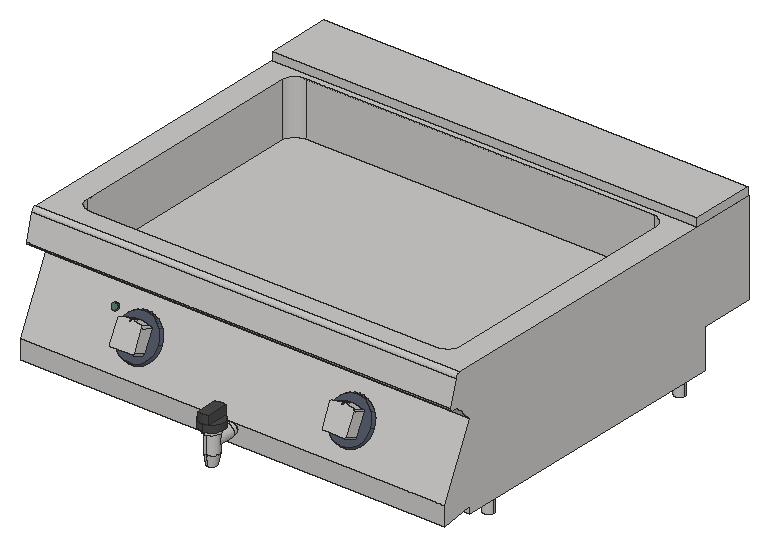
Revit family "QF_ZANUSSI_372097_Z7BMEHB000", category Specialty Equipment, Revit 2018
Family settings
  Round Connector Dimension = Use Diameter
  Part Type = Normal
  Work Plane-Based = No
  Always vertical = Yes
  Cut with Voids When Loaded = No
  Shared = No
  Room Calculation Point = No
Parameters
  Width = 800 mm  # constant formula
  Weight in Pounds = 60  # constant formula
  Weight = 0.00 kg
  Watts = 3000 W  # constant formula
  Volts = 400 V  # constant formula
  URL Manufacturer = "http://www.zanussiprofessional.com"
  URL Cutsheet = "www.electrolux.com/foodservice"
  URL = "http://www.zanussiprofessional.com"
  Type Mark [instance] = ""
  Steam Supply Size = 0"
  Steam Supply Minimum Pressure = 0.00 psi
  Steam Supply Maximum Pressure = 0.00 psi
  Steam Pounds per Hour = 0
  Status [instance] = ""
  Specification by User [instance] = ""
  Specification by Manufacturer = ""
  Show Logo [instance] = yes
  Show Clearance [instance] = yes
  Serial Number = ""
  Seismic Rating = ""
  SMACNA No = ""
  Revision Code [instance] = ""
  Refrigeration Suction Line Size = 0"
  Refrigeration Liquid Line Size = 0"
  Refrigerant Compressor Remote = yes
  Plumbing Remarks = ""
  Plumbing Connection Type = ""
  Phase = 3  # constant formula
  Omniclass Number and Title = ""
  Number of Poles [instance] = 1
  NAFEM Spec ID Number = ""
  Model = "Z7BMEHB000"
  Min Ckt Ampacity = 0 A
  Max Overcurrent Protection = 0 A
  Masterspec = ""
  Manufacturer = "Zanussi"
  Length Actual = 800 mm  # constant formula
  Item Number [instance] = "372097"
  Installed By [instance] = ""
  Indirect Waste Size = 1 31/32"  # constant formula
  Indirect Waste Flow [instance] = 0 GPM
  Indirect Waste Connection Type = ""
  Indirect Waste Connection Height [instance] = 0 mm
  Identify Quantity as Lot [instance] = yes
  Hot Water Size = 0"
  Height Actual = 250 mm  # constant formula
  Height = 289 mm  # constant formula
  HP = "4 HP"
  Gas Size = 0"
  Gas KW = 0
  Gas Input Pressure = 0.0 Btu/h
  Furnished By [instance] = ""
  Foodservice Equipment Identifier [instance] = yes
  FL Amps = if(Phase = 3, Watts / (Volts * 1.73), Watts / Volts)  # 4.33526 A
  Electrical Remarks [instance] = "400 V/3N ph/50/60 Hz"  # constant formula
  Electric Connection Type [instance] = ""
  Elec Conn RI Height [instance] = 0 mm
  Elec Conn Connection Height [instance] = 0 mm
  Direct Waste Size = 1/2"
  Description = "ELECTRIC BAIN-MARIE TOP 800 MM"
  Depth Actual = 700 mm  # constant formula
  Depth = 715 mm  # constant formula
  Cycle [instance] = if([60 Hertz Option], 60 Hz, 50 Hz)  # 60 Hz
  Conn Plug = ""
  Conn Conduit = yes
  Condensate Return Size = 0"
  Compressed Air Volume = 0 GPM
  Compressed Air Size = 0"
  Compressed Air Pressure = 0.00 psi
  Cold Water Size = 0"
  CSI MasterFormat = ""
  CSI Master Format = ""
  Base Height [instance] = 24 mm  # constant formula
  Apparent Power = if(Phase = 3, Volts * FL Amps * 1.73, Volts * FL Amps)  # 3000 VA
  Accessory = yes
  60 Hertz Option [instance] = not([50 Hertz Option])  # yes
  50 Hertz Option [instance] = no
Reference planes
  plane 1 "BACK": y = 0
  plane 2: z = 0
  plane 3 "LEFT": x = 0
  plane 4 "RIGHT": x = 800
  plane 5 "FRONT": y = -715
  plane 6 "TOP": z = 289
  plane 7 "Center Y": x = 400
  plane 8 "Center X": y = -357.5
  plane 9 "BASE": z = 24
  plane 10 "TOP A": z = 274
  plane 11: y = -597.884
  plane 12: y = -147.637
Forms (mm)
  Extrusion 1, solid, material "QF_Finishes_Stainless Steel"
    sketch origin (0, 0, 0) x (0, 1, 0) y (0, 0, 1)
      loop
        line (0, 98) -> (0, 274) -> (-679.358, 274)
        arc (-679.358, 274) -> (-684.643, 271.811) -> (-686.833, 266.526) r 7.474
        line (-686.833, 266.526) -> (-699.884, 221.011)
        arc (-699.884, 221.011) -> (-699.396, 218.379) -> (-697, 217.184) r 3
        line (-697, 217.184) -> (-686.802, 217.184) -> (-654.982, 185.364) -> (-715, 64.508) -> (-715, 29.508) -> (-658.645, 37.428)
        arc (-658.645, 37.428) -> (-656.101, 36.674) -> (-655, 34.259) r 3.2
        line (-655, 34.259) -> (-655, 24) -> (-103, 24) -> (-103, 98) -> (0, 98)
    from 0 to 800
  Extrusion 2, solid, material "QF_Finishes_Stainless Steel"
    sketch origin (0, 0, 274) x (-1, 0, 0) y (0, -1, 0)
      loop
        line (0, 0) -> (0, 120.65) -> (-800, 120.65) -> (-800, 0) -> (0, 0)
    from 0 to 15
  Extrusion 3, void
    sketch origin (0, 0, 274) x (-1, 0, 0) y (0, -1, 0)
      loop
        arc (-72.425, 132.504) -> (-54.464, 139.943) -> (-47.025, 157.904) r 25.4
        line (-47.025, 157.904) -> (-47.025, 617.104)
        arc (-47.025, 617.104) -> (-54.464, 635.064) -> (-72.425, 642.504) r 25.4
        line (-72.425, 642.504) -> (-727.575, 642.504)
        arc (-727.575, 642.504) -> (-745.536, 635.064) -> (-752.975, 617.104) r 25.4
        line (-752.975, 617.104) -> (-752.975, 157.904)
        arc (-752.975, 157.904) -> (-745.536, 139.943) -> (-727.575, 132.504) r 25.4
        line (-727.575, 132.504) -> (-72.425, 132.504)
    from 0 to -101.6
  Extrusion 4, solid, material "QF_Finishes_Stainless Steel"
    sketch origin (0, 0, 0) x (1, 0, 0) y (0, 1, 0)
      loop
        circle (11.112, -147.638) r 9.525
      loop
        circle (11.112, -597.884) r 9.525
      loop
        circle (788.887, -147.638) r 9.525
      loop
        circle (788.887, -597.884) r 9.525
    from 0 to 24
  Revolve 5, solid, material "QF_Finishes_Stainless Steel"
    sketch origin (400.05, -15.821, 0) x (0, 1, 0) y (0, 0, 1)
      loop
        line (-747.926, 15.877) -> (-738.917, 15.877) -> (-735.301, 36.388) -> (-735.301, 72.729) -> (-732.023, 72.729) -> (-732.023, 80.608) -> (-725.673, 80.608) -> (-725.673, 93.308) -> (-747.926, 93.308) -> (-747.926, 15.877)
      axis (-747.926, 15.877) -> (-747.926, 93.308)
    angle from 0 to 360
  Revolve 6, solid, material "QF_Finishes_Stainless Steel"
    sketch origin (400.05, 0, 0) x (0, 1, 0) y (0, 0, 1)
      loop
        line (-698.522, 55.75) -> (-766.752, 55.75) -> (-766.752, 43.447) -> (-727.357, 43.447) -> (-727.357, 45.149) -> (-718.364, 45.149) -> (-718.364, 47.196) -> (-698.522, 47.196) -> (-698.522, 55.75)
      axis (-766.752, 55.75) -> (-698.522, 55.75)
    angle from 0 to 360
  Extrusion 7, solid, material "QF_Finishes_Black"
    sketch origin (400.05, -763.747, 93.308) x (0, 1, 0) y (-1, 0, 0)
      loop
        line (20.063, 9.626) -> (-20.063, 9.626)
        arc (-20.063, 9.626) -> (-22.253, 0) -> (-20.063, -9.626) r 22.253
        line (-20.063, -9.626) -> (20.063, -9.626)
        arc (20.063, -9.626) -> (22.253, 0) -> (20.063, 9.626) r 22.253
    from 0 to 16.412
  Extrusion 8, solid, material "QF_Finishes_Stainless Steel"
    sketch origin (0, -101.6, 101.788) x (0, 0, -1) y (-1, 0, 0)
      loop
        circle (43.882, -62.029) r 12.7
    from 0 to 12.7
  Extrusion 9, solid, material "QF_Finishes_Clearance", visible <- "Show Clearance", detail levels coarse
    sketch origin (0, 0, 0) x (1, 0, 0) y (0, 1, 0)
      loop
        line (0, -715) -> (0, 0) -> (800, 0) -> (800, -715) -> (950.019, -715) -> (950.019, 150.019) -> (-150.019, 150.019) -> (-150.019, -715) -> (0, -715)
    from 0 to 289
  Blend 10, solid, material "QF_Finishes_Navy Blue"
    base sketch origin (200, -684.991, 124.936) x (1, 0, 0) y (0, 0.444781, 0.895639)
      loop
        circle (0, 0) r 42.5
    top sketch origin (200, -684.991, 124.936) x (1, 0, 0) y (0, 0.444781, 0.895639)
      loop
        circle (0, 0) r 40.5
    from 0 to 5
  Extrusion 11, solid, material "QF_Finishes_Stainless Steel"
    sketch origin (200, -684.991, 124.936) x (1, 0, 0) y (0, 0.444781, 0.895639)
      loop
        arc (-21.147, 22.789) -> (-22.494, 21.685) -> (-23, 20.019) r 2.997
        line (-23, 20.019) -> (-23, -20.019)
        arc (-23, -20.019) -> (-22.122, -22.138) -> (-20.003, -23.016) r 2.997
        line (-20.003, -23.016) -> (20.003, -23.016)
        arc (20.003, -23.016) -> (22.122, -22.138) -> (23, -20.019) r 2.997
        line (23, -20.019) -> (23, 20.019)
        arc (23, 20.019) -> (22.494, 21.685) -> (21.147, 22.789) r 2.997
        arc (21.147, 22.789) -> (0, 26.984) -> (-21.147, 22.789) r 55.4
    from 10 to 34
  Extrusion 12, solid, material "QF_Plastic-Black-Matte"
    sketch origin (280, -684.991, 124.936) x (0, 0.444781, 0.895639) y (0, -0.895639, 0.444781)
      loop
        line (26.984, 34) -> (26.984, 19) -> (27.984, 19) -> (27.984, 34)
        arc (27.984, 34) -> (27.691, 34.707) -> (26.984, 35) r 1
        line (26.984, 35) -> (23.984, 35) -> (23.984, 34) -> (26.984, 34)
    from -81 to -79
  Extrusion 13, solid, material "QF_Finishes_Stainless Steel"
    sketch origin (200, -684.991, 124.936) x (1, 0, 0) y (0, 0.444781, 0.895639)
      loop
        line (17.5, 17.5) -> (-17.5, 17.5) -> (-17.5, -17.5) -> (17.5, -17.5) -> (17.5, 17.5)
    from 5 to 10
  Extrusion 14, solid, material "QF_Finishes_DarkGreen"
    sketch origin (200, -671.648, 151.805) x (1, 0, 0) y (0, 0.444781, 0.895639)
      loop
        circle (-55.001, 0) r 6
    from 0 to 1.6
  Blend 15, solid, material "QF_Finishes_Navy Blue"
    base sketch origin (600, -684.991, 124.936) x (1, 0, 0) y (0, 0.444781, 0.895639)
      loop
        circle (0, 0) r 42.5
    top sketch origin (600, -684.991, 124.936) x (1, 0, 0) y (0, 0.444781, 0.895639)
      loop
        circle (0, 0) r 40.5
    from 0 to 5
  Extrusion 16, solid, material "QF_Finishes_Stainless Steel"
    sketch origin (600, -684.991, 124.936) x (1, 0, 0) y (0, 0.444781, 0.895639)
      loop
        arc (-21.147, 22.789) -> (-22.494, 21.685) -> (-23, 20.019) r 2.997
        line (-23, 20.019) -> (-23, -20.019)
        arc (-23, -20.019) -> (-22.122, -22.138) -> (-20.003, -23.016) r 2.997
        line (-20.003, -23.016) -> (20.003, -23.016)
        arc (20.003, -23.016) -> (22.122, -22.138) -> (23, -20.019) r 2.997
        line (23, -20.019) -> (23, 20.019)
        arc (23, 20.019) -> (22.494, 21.685) -> (21.147, 22.789) r 2.997
        arc (21.147, 22.789) -> (0, 26.984) -> (-21.147, 22.789) r 55.4
    from 10 to 34
  Extrusion 17, solid, material "QF_Finishes_Stainless Steel"
    sketch origin (600, -684.991, 124.936) x (1, 0, 0) y (0, 0.444781, 0.895639)
      loop
        line (17.5, 17.5) -> (-17.5, 17.5) -> (-17.5, -17.5) -> (17.5, -17.5) -> (17.5, 17.5)
    from 5 to 10
  Extrusion 18, solid, material "QF_Plastic-Black-Matte"
    sketch origin (542.5, -684.991, 124.936) x (0, 0.444781, 0.895639) y (0, 0.895639, -0.444781)
      loop
        line (26.984, -34) -> (23.984, -34) -> (23.984, -35) -> (26.984, -35)
        arc (26.984, -35) -> (27.691, -34.707) -> (27.984, -34) r 1
        line (27.984, -34) -> (27.984, -19) -> (26.984, -19) -> (26.984, -34)
    from -58.5 to -56.5
Cuts and joins
  Extrusion 3 cuts Extrusion 1
Lines and regions (mm)
  Split face 1
    outline origin (199.664, -689.244, 127.614) x (1, 0, 0) y (0, 0.444781, 0.895639)
      loop
        circle (-34, 0) r 1.5
  Split face 2
    outline origin (207.566, -689.848, 126.397) x (1, 0, 0) y (0, 0.444781, 0.895639)
      loop
        circle (-7.566, -33.148) r 1.5
  Split face 3
    outline origin (203.5, -682.712, 140.767) x (1, 0, 0) y (0, 0.444781, 0.895639)
      loop
        circle (30.633, -14.752) r 1.5
  Split face 4
    outline origin (200, -689.469, 127.16) x (1, 0, 0) y (0, 0.444781, 0.895639)
      loop
        circle (0, 33.561) r 1.5
  Split face 5
    outline origin (600, -689.469, 127.16) x (1, 0, 0) y (0, 0.444781, 0.895639)
      loop
        circle (-34, 0) r 1.5
  Split face 6
    outline origin (600, -689.469, 127.16) x (1, 0, 0) y (0, 0.444781, 0.895639)
      loop
        circle (-30.633, -14.752) r 1.5
  Split face 7
    outline origin (600, -689.469, 127.16) x (1, 0, 0) y (0, 0.444781, 0.895639)
      loop
        circle (-21.199, -26.582) r 1.5
  Split face 8
    outline origin (600, -689.469, 127.16) x (1, 0, 0) y (0, 0.444781, 0.895639)
      loop
        circle (-7.566, -33.148) r 1.5
  Split face 9
    outline origin (600, -689.469, 127.16) x (1, 0, 0) y (0, 0.444781, 0.895639)
      loop
        circle (7.566, -33.148) r 1.5
  Split face 10
    outline origin (600, -689.469, 127.16) x (1, 0, 0) y (0, 0.444781, 0.895639)
      loop
        circle (21.199, -26.582) r 1.5
  Split face 11
    outline origin (600, -689.469, 127.16) x (1, 0, 0) y (0, 0.444781, 0.895639)
      loop
        circle (30.633, -14.752) r 1.5
  Split face 12
    outline origin (600, -689.469, 127.16) x (1, 0, 0) y (0, 0.444781, 0.895639)
      loop
        circle (34, 0) r 1.5
  Split face 13
    outline origin (621.665, -686.175, 133.794) x (1, 0, 0) y (0, 0.444781, 0.895639)
      loop
        circle (-21.665, 26.582) r 1.5
  symbolic lines, style "QF-Clearances", visible <- "Show Clearance", detail levels coarse
    curve 1: line (-150.019, 150.019, 274) -> (-150.019, -715, 274)
    curve 2: line (950.019, 150.019, 274) -> (-150.019, 150.019, 274)
    curve 3: line (950.019, -715, 274) -> (950.019, 150.019, 274)
  symbolic lines
    curve 4: line (0, 0, 274) -> (800, 0, 274)
    curve 5: line (0, -715, 274) -> (0, 0, 274)
    curve 6: line (800, 0, 274) -> (800, -715, 274)
    curve 7: line (47.025, -157.904, 274) -> (47.025, -617.104, 274)
    curve 8: arc (47.025, -617.104, 274) -> (54.464, -635.064, 274) -> (72.425, -642.504, 274) r 25.4
    curve 9: line (72.425, -642.504, 274) -> (727.575, -642.504, 274)
    curve 10: arc (727.575, -642.504, 274) -> (745.536, -635.064, 274) -> (752.975, -617.104, 274) r 25.4
    curve 11: line (752.975, -617.104, 274) -> (752.975, -157.904, 274)
    curve 12: line (727.575, -132.504, 274) -> (72.425, -132.504, 274)
    curve 13: line (0, -120.65, 274) -> (800, -120.65, 274)
    curve 14: line (0, -69.85, 274) -> (0, -120.65, 274)
    curve 15: circle (400, -763.747, 274) r 22.253 normal (0, 0, 1)
    curve 16: line (409.626, -783.81, 274) -> (409.626, -743.684, 274)
    curve 17: line (390.374, -783.81, 274) -> (390.374, -743.684, 274)
    curve 18: arc (72.425, -132.504, 274) -> (54.464, -139.943, 274) -> (47.025, -157.904, 274) r 25.4
    curve 19: arc (727.575, -132.504, 274) -> (745.536, -139.943, 274) -> (752.975, -157.904, 274) r 25.4
    curve 20: line (389.329, -744.22, 274) -> (389.329, -715, 274)
    curve 21: line (410.671, -744.22, 274) -> (410.671, -715, 274)
    curve 22: line (0, -700, 0) -> (800, -700, 0)
    curve 23: line (177, -700, 0) -> (177, -724.347, 0)
    curve 24: arc (177, -724.347, 0) -> (177.146, -724.811, 0) -> (177.532, -725.107, 0) r 0.809
    curve 25: arc (177.532, -725.107, 0) -> (178.72, -725.587, 0) -> (179.997, -725.68, 0) r 4.127
    curve 26: arc (177, -704.292, 0) -> (171.959, -702.458, 0) -> (167.191, -700, 0) r 42.24
    curve 27: arc (177, -706.539, 0) -> (177.502, -705.818, 0) -> (178.299, -705.448, 0) r 1.682
    curve 28: arc (178.299, -705.448, 0) -> (188.602, -703.95, 0) -> (199, -703.441, 0) r 109.079
    curve 29: line (199, -700, 0) -> (199, -705.671, 0)
    curve 30: line (199, -705.671, 0) -> (201, -705.671, 0)
    curve 31: line (201, -705.671, 0) -> (201, -700, 0)
    curve 32: line (223, -700, 0) -> (223, -724.347, 0)
    curve 33: arc (223, -724.347, 0) -> (222.854, -724.811, 0) -> (222.468, -725.107, 0) r 0.809
    curve 34: arc (222.468, -725.107, 0) -> (221.28, -725.587, 0) -> (220.003, -725.68, 0) r 4.127
    curve 35: arc (223, -704.292, 0) -> (228.041, -702.458, 0) -> (232.809, -700, 0) r 42.24
    curve 36: arc (223, -706.539, 0) -> (222.498, -705.818, 0) -> (221.701, -705.448, 0) r 1.682
    curve 37: arc (221.701, -705.448, 0) -> (211.398, -703.95, 0) -> (201, -703.441, 0) r 109.079
    curve 38: line (179.997, -725.68, 0) -> (220.003, -725.68, 0)
    curve 39: line (623, -700, 0) -> (623, -724.347, 0)
    curve 40: arc (623, -724.347, 0) -> (622.854, -724.811, 0) -> (622.468, -725.107, 0) r 0.809
    curve 41: arc (622.468, -725.107, 0) -> (621.28, -725.587, 0) -> (620.003, -725.68, 0) r 4.127
    curve 42: arc (623, -704.292, 0) -> (628.041, -702.458, 0) -> (632.809, -700, 0) r 42.24
    curve 43: arc (623, -706.539, 0) -> (622.498, -705.818, 0) -> (621.701, -705.448, 0) r 1.682
    curve 44: arc (621.701, -705.448, 0) -> (611.398, -703.95, 0) -> (601, -703.441, 0) r 109.079
    curve 45: line (601, -700, 0) -> (601, -705.671, 0)
    curve 46: line (601, -705.671, 0) -> (599, -705.671, 0)
    curve 47: line (599, -705.671, 0) -> (599, -700, 0)
    curve 48: line (577, -700, 0) -> (577, -724.347, 0)
    curve 49: arc (577, -724.347, 0) -> (577.146, -724.811, 0) -> (577.532, -725.107, 0) r 0.809
    curve 50: arc (577.532, -725.107, 0) -> (578.72, -725.587, 0) -> (579.997, -725.68, 0) r 4.127
    curve 51: arc (577, -704.292, 0) -> (571.959, -702.458, 0) -> (567.191, -700, 0) r 42.24
    curve 52: arc (577, -706.539, 0) -> (577.502, -705.818, 0) -> (578.299, -705.448, 0) r 1.682
    curve 53: arc (578.299, -705.448, 0) -> (588.602, -703.95, 0) -> (599, -703.441, 0) r 109.079
    curve 54: line (620.003, -725.68, 0) -> (579.997, -725.68, 0)
    curve 55: line (223, -715, 0) -> (577, -715, 0)
    curve 56: line (623, -715, 0) -> (800, -715, 0)
    curve 57: line (0, -715, 0) -> (177, -715, 0)
Dimensions and locks
  equal spacing: plane 3 "LEFT", plane 7 "Center Y", plane 4 "RIGHT"
  "Width": plane 3 "LEFT" to plane 4 "RIGHT"
  equal spacing: plane 5 "FRONT", plane 8 "Center X", plane 1 "BACK"
  "Depth": plane 5 "FRONT" to plane 1 "BACK"
  "Height": plane 6 "TOP" to level
  plane 1 "BACK" to plane 5 "FRONT" = 715 mm
  "Base Height": plane 9 "BASE" to level
  plane 10 "TOP A" to plane 9 "BASE" = 250 mm
  Extrusion 9 to plane 10 "TOP A" to plane 9 "BASE" = 15 mm, 250 mm
  aligned and locked: level to plane 2
  aligned and locked: plane 4 "RIGHT" to Extrusion 1
  aligned and locked: plane 6 "TOP" to Extrusion 2
  aligned and locked: Extrusion 4 to plane 9 "BASE"
  aligned and locked: plane 6 "TOP" to Extrusion 9
  aligned and locked: plane 4 "RIGHT" to Extrusion 2
Automatic sketch dimensions
  plane 1 "BACK" to Extrusion 2 sketch curve = 0 mm
  Extrusion 2 sketch curve to plane 4 "RIGHT" = 0 mm
  Extrusion 2 sketch curve to plane 3 "LEFT" = 0 mm
  Extrusion 2 sketch curve to plane 12 = 26.988 mm
  Extrusion 3 sketch curve to plane 4 "RIGHT" = 47.025 mm
  Extrusion 3 sketch curve to Extrusion 3 sketch curve = 25.4 mm  (x3)
  Extrusion 3 sketch curve to plane 12 = 15.134 mm
  plane 12 to Extrusion 3 sketch curve = 10.266 mm
  plane 3 "LEFT" to Extrusion 3 sketch curve = 72.425 mm
  plane 11 to Extrusion 3 sketch curve = 19.219 mm
  plane 11 to Extrusion 4 sketch curve = 0 mm  (x2)
  plane 12 to Extrusion 4 sketch curve = 0 mm  (x2)
  plane 3 "LEFT" to Extrusion 4 sketch curve = 11.112 mm  (x2)
  Extrusion 4 sketch curve to plane 4 "RIGHT" = 11.113 mm  (x2)
  Revolve 5 sketch curve to plane 9 "BASE" = 8.123 mm
  plane 5 "FRONT" to Revolve 5 sketch curve = 48.747 mm
  Revolve 5 sketch curve to Revolve 5 sketch curve = 0 mm
  Revolve 5 sketch curve to Revolve 5 sketch curve = 9.009 mm
  plane 9 "BASE" to Revolve 5 sketch curve = 12.388 mm
  Revolve 5 sketch curve to Revolve 5 sketch curve = 3.617 mm
  Revolve 5 sketch curve to Revolve 5 sketch curve = 3.277 mm
  Revolve 5 sketch curve to Revolve 5 sketch curve = 6.35 mm
  Revolve 5 sketch curve to Revolve 5 sketch curve = 36.341 mm
  Revolve 5 sketch curve to Revolve 5 sketch curve = 7.879 mm
  Revolve 5 sketch curve to Revolve 5 sketch curve = 12.7 mm  (x2)
  Revolve 5 sketch curve to Revolve 5 sketch curve = 15.064 mm
  plane 5 "FRONT" to Revolve 6 sketch curve = 51.752 mm
  plane 5 "FRONT" to Revolve 6 sketch curve = 12.357 mm
  plane 5 "FRONT" to Revolve 6 sketch curve = 3.364 mm
  Revolve 6 sketch curve to plane 5 "FRONT" = 16.478 mm
  Revolve 6 sketch curve to Revolve 6 sketch curve = 0 mm  (x2)
  Revolve 6 sketch curve to Revolve 6 sketch curve = 9.137 mm
  plane 9 "BASE" to Revolve 6 sketch curve = 19.447 mm
  Revolve 6 sketch curve to Revolve 6 sketch curve = 1.702 mm
  Revolve 6 sketch curve to Revolve 6 sketch curve = 2.047 mm
  Revolve 6 sketch curve to Revolve 6 sketch curve = 12.303 mm
  Extrusion 7 sketch curve to Revolve 5 = 9.626 mm
  Revolve 5 to Extrusion 7 sketch curve = 9.626 mm
  Extrusion 7 sketch curve to Extrusion 7 sketch curve = 0 mm
  plane 5 "FRONT" to Extrusion 9 sketch curve = 0 mm  (x2)
  plane 1 "BACK" to Extrusion 9 sketch curve = 0 mm
  Extrusion 9 sketch curve to plane 3 "LEFT" = 0 mm
  Extrusion 9 sketch curve to plane 4 "RIGHT" = 0 mm
  Extrusion 9 sketch curve to plane 3 "LEFT" = 150.019 mm
  plane 4 "RIGHT" to Extrusion 9 sketch curve = 150.019 mm
  Extrusion 9 sketch curve to plane 1 "BACK" = 150.019 mm
  plane 11 to Extrusion 1 sketch curve = 117.116 mm
  plane 11 to Extrusion 1 sketch curve = 101.999 mm
  plane 11 to Extrusion 1 sketch curve = 99.116 mm
  plane 11 to Extrusion 1 sketch curve = 88.948 mm
  Extrusion 1 sketch curve to plane 10 "TOP A" = 56.816 mm
  plane 11 to Extrusion 1 sketch curve = 88.917 mm
  Extrusion 1 sketch curve to Extrusion 1 sketch curve = 7.474 mm
  plane 11 to Extrusion 1 sketch curve = 60.761 mm
  Extrusion 1 sketch curve to Extrusion 1 sketch curve = 0.445 mm
  Extrusion 1 sketch curve to Extrusion 1 sketch curve = 3.2 mm
  plane 11 to Extrusion 1 sketch curve = 57.097 mm
  plane 1 "BACK" to Extrusion 1 sketch curve = 103 mm
  Extrusion 1 sketch curve to plane 6 "TOP" = 15 mm
  Extrusion 1 sketch curve to plane 1 "BACK" = 0 mm
  Extrusion 1 sketch curve to plane 10 "TOP A" = 88.636 mm
  Extrusion 1 sketch curve to plane 10 "TOP A" = 176 mm
  plane 9 "BASE" to Extrusion 1 sketch curve = 40.508 mm
  Extrusion 1 sketch curve to Extrusion 1 sketch curve = 27.08 mm
  Extrusion 1 sketch curve to Extrusion 1 sketch curve = 35 mm
  plane 9 "BASE" to Extrusion 1 sketch curve = 0 mm
  Extrusion 1 sketch curve to Extrusion 1 sketch curve = 3 mm
  plane 9 "BASE" to Extrusion 8 sketch curve = 33.906 mm
  plane 3 "LEFT" to Extrusion 8 sketch curve = 62.029 mm
  plane 3 "LEFT" to Blend 10 sketch curve = 200 mm  (x2)
  plane 3 "LEFT" to Extrusion 11 sketch curve = 177 mm
  Extrusion 11 sketch curve to Extrusion 11 sketch curve = 2.997 mm  (x3)
  Extrusion 11 sketch curve to Extrusion 11 sketch curve = 20.003 mm  (x2)
  Extrusion 11 sketch curve to Extrusion 11 sketch curve = 40.005 mm
  Extrusion 11 sketch curve to Extrusion 11 sketch curve = 5.399 mm
  Extrusion 11 sketch curve to Extrusion 11 sketch curve = 40.037 mm
  Extrusion 11 sketch curve to Extrusion 11 sketch curve = 0 mm  (x2)
  Extrusion 12 sketch curve to plane 5 "FRONT" = 9.329 mm
  Extrusion 12 sketch curve to plane 10 "TOP A" = 112.016 mm
  Extrusion 12 sketch curve to Extrusion 12 sketch curve = 3 mm
  Extrusion 12 sketch curve to Extrusion 12 sketch curve = 0 mm  (x2)
  Extrusion 12 sketch curve to Extrusion 12 sketch curve = 1 mm
  Extrusion 12 sketch curve to Extrusion 12 sketch curve = 15 mm
  plane 3 "LEFT" to Extrusion 13 sketch curve = 182.5 mm
  Extrusion 13 sketch curve to Extrusion 13 sketch curve = 35 mm  (x2)
  plane 3 "LEFT" to Extrusion 14 sketch curve = 144.999 mm
  plane 3 "LEFT" to Blend 15 sketch curve = 600 mm  (x2)
  plane 3 "LEFT" to Extrusion 16 sketch curve = 577 mm
  Extrusion 16 sketch curve to Extrusion 16 sketch curve = 2.997 mm  (x3)
  Extrusion 16 sketch curve to Extrusion 16 sketch curve = 20.003 mm  (x2)
  Extrusion 16 sketch curve to Extrusion 16 sketch curve = 40.005 mm
  Extrusion 16 sketch curve to Extrusion 16 sketch curve = 5.399 mm
  Extrusion 16 sketch curve to Extrusion 16 sketch curve = 40.037 mm
  Extrusion 16 sketch curve to Extrusion 16 sketch curve = 0 mm  (x2)
  plane 3 "LEFT" to Extrusion 17 sketch curve = 582.5 mm
  Extrusion 17 sketch curve to Extrusion 17 sketch curve = 35 mm  (x2)
  Extrusion 18 sketch curve to plane 5 "FRONT" = 9.329 mm
  Extrusion 18 sketch curve to plane 10 "TOP A" = 112.016 mm
  Extrusion 18 sketch curve to Extrusion 18 sketch curve = 3 mm
  Extrusion 18 sketch curve to Extrusion 18 sketch curve = 0 mm
  Extrusion 18 sketch curve to Extrusion 18 sketch curve = 1 mm  (x2)
  Extrusion 18 sketch curve to Extrusion 18 sketch curve = 15 mm
  curve 57 to plane 3 "LEFT" = 0 mm
  curve 22 to plane 3 "LEFT" = 0 mm
  plane 3 "LEFT" to curve 24 = 177.809 mm
  curve 24 to curve 27 = 0.774 mm
  curve 24 to curve 25 = 1.846 mm
  curve 27 to curve 26 = 10.309 mm
  curve 28 to curve 37 = 1.738 mm
  curve 26 to curve 35 = 22.215 mm
  curve 34 to curve 36 = 1.071 mm
  curve 34 to curve 33 = 1.846 mm
  curve 33 to curve 49 = 355.617 mm
  curve 49 to curve 52 = 0.774 mm
  curve 49 to curve 50 = 1.846 mm
  curve 52 to curve 51 = 10.309 mm
  curve 49 to curve 53 = 21.322 mm
  curve 53 to curve 44 = 1.738 mm
  curve 51 to curve 42 = 22.215 mm
  curve 41 to curve 43 = 1.071 mm
  plane 5 "FRONT" to curve 28 = 97.519 mm
  curve 28 to curve 37 = 0 mm
  curve 37 to curve 44 = 0 mm
  curve 53 to curve 44 = 0 mm
  curve 24 to curve 33 = 0 mm
  curve 49 to curve 40 = 0 mm
  curve 34 to curve 36 = 14.462 mm
  curve 50 to curve 52 = 14.462 mm
  curve 26 to curve 35 = 0 mm
  curve 51 to curve 42 = 0 mm
  curve 26 to curve 27 = 11.392 mm
  curve 24 to curve 24 = 0.809 mm
  curve 24 to curve 24 = 0.277 mm
  curve 27 to curve 27 = 0.284 mm
  curve 24 to curve 25 = 2.465 mm
  curve 27 to curve 29 = 20.417 mm
  curve 28 to curve 37 = 2 mm
  curve 38 to curve 33 = 2.189 mm
  curve 36 to curve 37 = 0.284 mm
  curve 33 to curve 33 = 0.277 mm
  curve 37 to curve 35 = 1.299 mm
  curve 32 to curve 35 = 9.809 mm
  curve 51 to curve 52 = 11.392 mm
  curve 49 to curve 49 = 0.277 mm
  curve 53 to curve 52 = 0.284 mm
  curve 50 to curve 50 = 2.465 mm
  curve 52 to curve 53 = 20.417 mm
  curve 47 to curve 45 = 2 mm
  curve 41 to curve 40 = 2.189 mm
  curve 43 to curve 44 = 0.284 mm
  curve 40 to curve 40 = 0.277 mm
  curve 44 to curve 42 = 1.299 mm
  curve 40 to curve 40 = 0.809 mm
  curve 39 to curve 42 = 9.809 mm
  plane 7 "Center Y" to curve 22 = 400 mm
  plane 7 "Center Y" to curve 56 = 400 mm
  curve 34 to curve 33 = 0.573 mm
  curve 50 to curve 49 = 0.573 mm
  curve 41 to curve 40 = 0.573 mm
  curve 25 to curve 57 = 6.567 mm
  curve 34 to curve 55 = 6.567 mm
  curve 39 to curve 56 = 9.347 mm
  curve 36 to curve 36 = 0.567 mm
  curve 52 to curve 52 = 0.567 mm
  curve 27 to curve 27 = 0.567 mm
  curve 43 to curve 43 = 0.567 mm
  curve 36 to curve 31 = 1.435 mm
  curve 52 to curve 47 = 1.435 mm
  curve 37 to curve 35 = 1.156 mm
  curve 53 to curve 51 = 1.156 mm
  curve 28 to curve 26 = 1.156 mm
  curve 44 to curve 42 = 1.156 mm
  curve 28 to curve 29 = 3.441 mm
  curve 35 to curve 32 = 4.292 mm
  curve 51 to curve 48 = 4.292 mm
  curve 42 to curve 39 = 4.292 mm
  curve 53 to curve 47 = 3.441 mm
  curve 26 to curve 23 = 4.292 mm
  plane 5 "FRONT" to curve 3 = 0 mm
  curve 6 to plane 4 "RIGHT" = 0 mm
  plane 5 "FRONT" to curve 21 = 0 mm
  curve 15 to plane 7 "Center Y" = 0 mm
  plane 5 "FRONT" to curve 20 = 0 mm
  curve 14 to plane 3 "LEFT" = 0 mm
  plane 1 "BACK" to curve 5 = 0 mm
  curve 5 to plane 3 "LEFT" = 0 mm
  plane 5 "FRONT" to curve 1 = 0 mm
  plane 5 "FRONT" to curve 5 = 0 mm
  plane 5 "FRONT" to curve 6 = 0 mm
  plane 4 "RIGHT" to curve 3 = 150.019 mm
  plane 12 to curve 11 = 10.266 mm
  curve 11 to plane 4 "RIGHT" = 47.025 mm
  curve 10 to curve 10 = 25.4 mm
  curve 12 to plane 12 = 15.134 mm
  plane 12 to curve 18 = 10.266 mm
  plane 3 "LEFT" to curve 18 = 72.425 mm
  plane 11 to curve 8 = 19.219 mm
  curve 8 to curve 7 = 25.4 mm
  curve 1 to plane 3 "LEFT" = 150.019 mm
  curve 1 to plane 1 "BACK" = 150.019 mm
  curve 13 to plane 12 = 26.988 mm
  plane 5 "FRONT" to curve 15 = 48.747 mm
  plane 7 "Center Y" to curve 21 = 10.671 mm
  curve 21 to curve 16 = 1.046 mm
  curve 17 to plane 7 "Center Y" = 9.626 mm
  curve 17 to curve 20 = 1.046 mm
  curve 14 to curve 13 = 50.8 mm
  curve 16 to curve 15 = 20.063 mm
  radius of Extrusion 4 sketch curve = 9.525 mm  (x4)
  radius of Extrusion 7 sketch curve to Revolve 5 = 0 mm  (x2)
  radius of Extrusion 8 sketch curve = 12.7 mm
  radius of Blend 10 sketch curve = 42.5 mm
  radius of Blend 10 sketch curve = 40.5 mm
  radius of Split face 1 sketch curve = 1.5 mm
  radius of Split face 2 sketch curve = 1.5 mm
  radius of Split face 3 sketch curve = 1.5 mm
  radius of Split face 4 sketch curve = 1.5 mm
  radius of Extrusion 14 sketch curve = 6 mm
  radius of Blend 15 sketch curve = 42.5 mm
  radius of Blend 15 sketch curve = 40.5 mm
  radius of Split face 5 sketch curve = 1.5 mm
  radius of Split face 6 sketch curve = 1.5 mm
  radius of Split face 7 sketch curve = 1.5 mm
  radius of Split face 8 sketch curve = 1.5 mm
  radius of Split face 9 sketch curve = 1.5 mm
  radius of Split face 10 sketch curve = 1.5 mm
  radius of Split face 11 sketch curve = 1.5 mm
  radius of Split face 12 sketch curve = 1.5 mm
  radius of Split face 13 sketch curve = 1.5 mm
Connectors
  electrical at (62.029, -88.9, 57.906), driven by "Volts", driven by "Watts"
    settings: on Extrusion 8, index 1, voltage 400 V, apparent load 3000 VA, apparent load phase1 0 VA, apparent load phase2 0 VA, apparent load phase3 0 VA, power factor 1, load classification "Other", number of poles 1, system type 30, power factor state 1, is connector primary yes, connector utility no, sub classification motor no, connector description "Electrical Connection"
  piping at (400.05, -763.747, 15.877), diameter 50.8
    settings: on Revolve 5, index 2, connector inside diameter 2", connector length 0 mm, flow factor 0, pipe flow 0 GPM, pressure drop 0.00 psi, fitting loss kfactor 0, connector angle 0.00°, fixture units 0, engagement length 0 mm, angle of deflection 0.00°, flow configuration 1, flow direction 2, fitting loss method 0, system type 16, joint type 0, gender type 0, connector reference index -1, connector utility 0, adjustable connector no, is connector primary yes, connector description "Drain"
